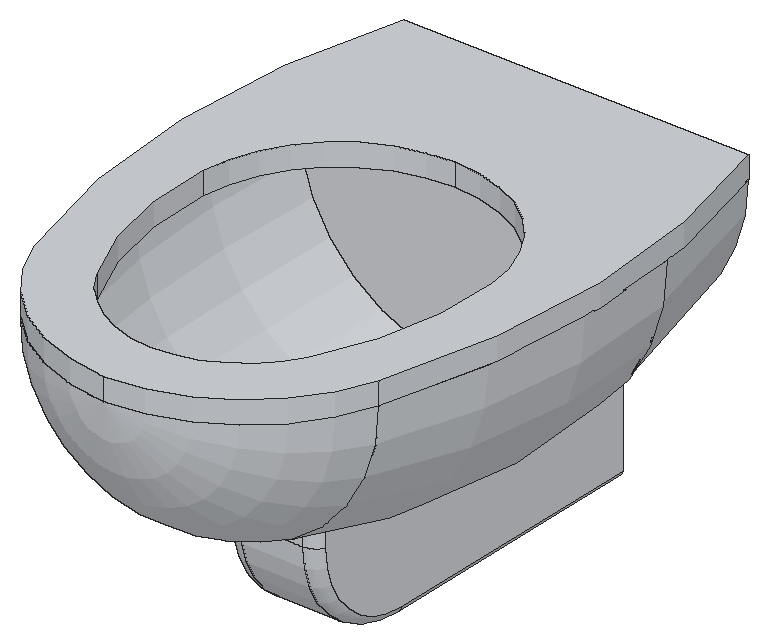
Revit family
Parameters (values of type "520 x 370mm")
  Material = none
  Manufacturer = "Revit"
  Assembly Code = ""
Reference planes
  plane 1 "Center (Front/Back)": y = 0
  plane 2: z = 0
  plane 3 "Center (Left/Right)": x = 0
  plane 4: y = -244.9
Forms (mm)
  Extrusion 1, solid, material <- "Material"
    sketch origin (0, 0, 307.334) x (1, 0, 0) y (0, 1, 0)
      loop
        arc (-152.704, 0) -> (-185.562, -204.671) -> (-152.704, -409.341) r 653.876
        arc (-152.704, -409.341) -> (-94.349, -490.625) -> (0, -523.953) r 166.984
        arc (0, -523.953) -> (94.349, -490.625) -> (152.704, -409.341) r 166.984
        arc (152.704, -409.341) -> (185.562, -204.671) -> (152.704, 0) r 653.876
        line (152.704, 0) -> (-152.704, 0)
      loop
        arc (0, -134.961) -> (-87.71, -168.958) -> (-128.473, -253.735) r 127.954
        arc (-128.473, -253.735) -> (-122.656, -336.701) -> (-93.86, -414.726) r 294.286
        arc (-93.86, -414.726) -> (-54.664, -456.038) -> (0, -472.002) r 109.21
        arc (0, -472.002) -> (54.664, -456.038) -> (93.86, -414.726) r 109.21
        arc (93.86, -414.726) -> (122.656, -336.701) -> (128.473, -253.735) r 294.286
        arc (128.473, -253.735) -> (87.71, -168.958) -> (0, -134.961) r 127.954
    from -20 to 0
  Blend 2, solid, material <- "Material"
    base sketch origin (0, -124.9, 287.334) x (0, 0, -1) y (-1, 0, 0)
      loop
        line (0, 180) -> (0, -180)
        arc (0, -180) -> (180, 0) -> (0, 180) r 180
    top sketch origin (0, -124.9, 287.334) x (0, 0, -1) y (-1, 0, 0)
      loop
        line (0, 152.605) -> (0, -152.704)
        arc (0, -152.704) -> (152.655, -0.05) -> (0, 152.605) r 152.655
    from 0 to 124.9
  Extrusion 3, solid, material <- "Material"
    sketch origin (0, 0, 307.334) x (0, 1, 0) y (0, 0, 1)
      loop
        arc (0, -158.01) -> (-167.212, -190.758) -> (-337.566, -187.334) r 799.626
        line (-337.566, -187.334) -> (-337.566, -207.334)
        arc (-337.566, -207.334) -> (-310.425, -272.859) -> (-244.9, -300) r 92.666
        line (-244.9, -300) -> (0, -300) -> (0, -158.01)
    from -41.163 to 41.173
  Sweep 4, void
    path origin (41.173, 0, 149.324) x (0, 0, 1) y (0, -1, 0)
      loop
        line (-29.324, 337.566) -> (-49.324, 337.566)
        arc (-49.324, 337.566) -> (-114.849, 310.425) -> (-141.99, 244.9) r 92.666
        line (-141.99, 244.9) -> (-141.99, 0)
    profile origin (0, -122.45, 0) x (0, 0, 1) y (1, 0, 0)
      loop
        line (26.442, 42.532) -> (26.442, 53.837) -> (-3.558, 53.837) -> (-3.558, -51.163) -> (26.442, -51.163) -> (26.442, -43.084) -> (22.334, -43.084)
        arc (22.334, -43.084) -> (11.727, -38.69) -> (7.334, -28.084) r 15
        line (7.334, -28.084) -> (7.334, 27.532)
        arc (7.334, 27.532) -> (11.727, 38.139) -> (22.334, 42.532) r 15
        line (22.334, 42.532) -> (26.442, 42.532)
  Revolve 5, solid, material <- "Material"
    sketch origin (0, 0, 287.334) x (1, 0, 0) y (0, 1, 0)
      loop
        arc (-180.678, -124.9) -> (-182.423, -268.668) -> (-152.704, -409.341) r 653.876
        arc (-152.704, -409.341) -> (-94.349, -490.625) -> (0, -523.953) r 166.984
        line (0, -523.953) -> (0, -490.489)
        arc (0, -490.489) -> (-74.747, -463.526) -> (-120.946, -398.875) r 133.545
        arc (-120.946, -398.875) -> (-149.342, -263.349) -> (-146.974, -124.9) r 620.437
        line (-146.974, -124.9) -> (-180.678, -124.9)
      axis (0, -523.953) -> (0, -124.9)
    angle from 0 to 180
Cuts and joins
  Sweep 4 cuts Extrusion 1
  Sweep 4 cuts Blend 2
  Sweep 4 cuts Extrusion 3
Lines and regions (mm)
  symbolic lines
    curve 1: line (-152.709, 0, 0) -> (152.709, 0, 0)
    curve 2: line (152.709, 0, 0) -> (158.487, -27.227, 0)
    curve 3: arc (158.487, -27.227, 0) -> (158.776, -28.613, 0) -> (159.057, -30, 0) r 241.075
    curve 4: line (159.057, -30, 0) -> (164.872, -59.182, 0)
    curve 5: line (164.872, -59.182, 0) -> (165.032, -60, 0)
    curve 6: line (165.032, -60, 0) -> (167.579, -73.437, 0)
    curve 7: line (167.579, -73.437, 0) -> (170.601, -90, 0)
    curve 8: arc (170.601, -90, 0) -> (171.704, -96.237, 0) -> (172.775, -102.479, 0) r 1279.669
    curve 9: line (172.775, -102.479, 0) -> (175.675, -120, 0)
    curve 10: arc (175.675, -120, 0) -> (176.56, -125.594, 0) -> (177.405, -131.195, 0) r 793.008
    curve 11: line (177.405, -131.195, 0) -> (180.093, -150, 0)
    curve 12: arc (180.093, -150, 0) -> (181.062, -157.316, 0) -> (181.944, -164.642, 0) r 616.84
    curve 13: arc (181.944, -164.642, 0) -> (182.776, -172.317, 0) -> (183.521, -180, 0) r 674.925
    curve 14: arc (183.521, -180, 0) -> (184.103, -187.122, 0) -> (184.551, -194.253, 0) r 382.449
    curve 15: arc (184.551, -194.253, 0) -> (184.906, -202.124, 0) -> (185.128, -210, 0) r 465.009
    curve 16: arc (185.128, -210, 0) -> (185.235, -217.236, 0) -> (185.272, -224.473, 0) r 746.453
    curve 17: arc (185.272, -224.473, 0) -> (185.238, -232.237, 0) -> (185.135, -240, 0) r 859.081
    curve 18: arc (185.135, -240, 0) -> (184.986, -246.797, 0) -> (184.781, -253.592, 0) r 827.316
    curve 19: arc (184.781, -253.592, 0) -> (184.472, -261.797, 0) -> (184.106, -270, 0) r 1206.742
    curve 20: arc (184.106, -270, 0) -> (183.655, -277.967, 0) -> (183.065, -285.924, 0) r 458.517
    curve 21: arc (183.065, -285.924, 0) -> (182.412, -292.969, 0) -> (181.62, -300, 0) r 360.495
    curve 22: arc (181.62, -300, 0) -> (180.779, -306.235, 0) -> (179.785, -312.448, 0) r 257.635
    curve 23: arc (179.785, -312.448, 0) -> (178.191, -321.238, 0) -> (176.447, -330, 0) r 519.485
    curve 24: arc (176.447, -330, 0) -> (174.874, -337.324, 0) -> (173.21, -344.627, 0) r 595.063
    curve 25: arc (173.21, -344.627, 0) -> (171.356, -352.325, 0) -> (169.411, -360, 0) r 664.851
    curve 26: arc (169.411, -360, 0) -> (167.671, -366.435, 0) -> (165.803, -372.834, 0) r 334.519
    curve 27: arc (165.803, -372.834, 0) -> (163.128, -381.437, 0) -> (160.327, -390, 0) r 611.028
    curve 28: arc (160.327, -390, 0) -> (158.241, -395.884, 0) -> (155.955, -401.694, 0) r 182.055
    curve 29: arc (155.955, -401.694, 0) -> (152.036, -410.89, 0) -> (147.922, -420, 0) r 466.837
    curve 30: arc (147.922, -420, 0) -> (144.7, -426.503, 0) -> (141.155, -432.835, 0) r 144.479
    curve 31: arc (141.155, -432.835, 0) -> (135.794, -441.516, 0) -> (130.126, -450, 0) r 285.669
    curve 32: arc (130.126, -450, 0) -> (126.035, -455.463, 0) -> (121.563, -460.617, 0) r 94.986
    curve 33: arc (121.563, -460.617, 0) -> (112.028, -470.482, 0) -> (102.147, -480, 0) r 384.278
    curve 34: arc (102.147, -480, 0) -> (92.028, -488.613, 0) -> (81.195, -496.31, 0) r 152.143
    curve 35: arc (81.195, -496.31, 0) -> (68.753, -503.666, 0) -> (55.762, -510, 0) r 180.05
    curve 36: arc (55.762, -510, 0) -> (44.275, -514.251, 0) -> (32.368, -517.121, 0) r 103.836
    curve 37: arc (32.368, -517.121, 0) -> (16.248, -519.279, 0) -> (0, -520, 0) r 183.366
    curve 38: arc (0, -520, 0) -> (-16.247, -519.279, 0) -> (-32.367, -517.121, 0) r 183.359
    curve 39: arc (-32.367, -517.121, 0) -> (-44.274, -514.251, 0) -> (-55.76, -510, 0) r 103.836
    curve 40: arc (-55.76, -510, 0) -> (-68.753, -503.665, 0) -> (-81.195, -496.309, 0) r 180.041
    curve 41: arc (-81.195, -496.309, 0) -> (-92.026, -488.612, 0) -> (-102.144, -480, 0) r 152.085
    curve 42: arc (-102.144, -480, 0) -> (-112.023, -470.483, 0) -> (-121.556, -460.619, 0) r 384.319
    curve 43: arc (-121.556, -460.619, 0) -> (-126.029, -455.463, 0) -> (-130.12, -450, 0) r 95.043
    curve 44: arc (-130.12, -450, 0) -> (-135.789, -441.515, 0) -> (-141.151, -432.834, 0) r 285.823
    curve 45: arc (-141.151, -432.834, 0) -> (-144.696, -426.502, 0) -> (-147.918, -420, 0) r 144.491
    curve 46: arc (-147.918, -420, 0) -> (-152.033, -410.891, 0) -> (-155.951, -401.695, 0) r 466.426
    curve 47: arc (-155.951, -401.695, 0) -> (-158.238, -395.885, 0) -> (-160.325, -390, 0) r 181.972
    curve 48: arc (-160.325, -390, 0) -> (-163.125, -381.437, 0) -> (-165.8, -372.834, 0) r 610.744
    curve 49: arc (-165.8, -372.834, 0) -> (-167.668, -366.435, 0) -> (-169.408, -360, 0) r 334.334
    curve 50: arc (-169.408, -360, 0) -> (-171.352, -352.327, 0) -> (-173.205, -344.631, 0) r 665.262
    curve 51: arc (-173.205, -344.631, 0) -> (-174.87, -337.326, 0) -> (-176.443, -330, 0) r 595.997
    curve 52: arc (-176.443, -330, 0) -> (-178.189, -321.233, 0) -> (-179.784, -312.437, 0) r 520.023
    curve 53: arc (-179.784, -312.437, 0) -> (-180.777, -306.23, 0) -> (-181.617, -300, 0) r 257.163
    curve 54: arc (-181.617, -300, 0) -> (-182.408, -292.975, 0) -> (-183.061, -285.936, 0) r 359.924
    curve 55: arc (-183.061, -285.936, 0) -> (-183.651, -277.972, 0) -> (-184.102, -270, 0) r 459.215
    curve 56: arc (-184.102, -270, 0) -> (-184.467, -261.793, 0) -> (-184.776, -253.584, 0) r 1209.393
    curve 57: arc (-184.776, -253.584, 0) -> (-184.981, -246.793, 0) -> (-185.13, -240, 0) r 827.255
    curve 58: arc (-185.13, -240, 0) -> (-185.234, -232.238, 0) -> (-185.267, -224.476, 0) r 858.487
    curve 59: arc (-185.267, -224.476, 0) -> (-185.23, -217.238, 0) -> (-185.123, -210, 0) r 746.539
    curve 60: arc (-185.123, -210, 0) -> (-184.902, -202.124, 0) -> (-184.547, -194.253, 0) r 465.042
    curve 61: arc (-184.547, -194.253, 0) -> (-184.098, -187.122, 0) -> (-183.516, -180, 0) r 382.445
    curve 62: arc (-183.516, -180, 0) -> (-182.771, -172.317, 0) -> (-181.939, -164.643, 0) r 675.164
    curve 63: arc (-181.939, -164.643, 0) -> (-181.058, -157.316, 0) -> (-180.089, -150, 0) r 617.085
    curve 64: line (-180.089, -150, 0) -> (-177.401, -131.193, 0)
    curve 65: arc (-177.401, -131.193, 0) -> (-176.556, -125.594, 0) -> (-175.672, -120, 0) r 792.953
    curve 66: line (-175.672, -120, 0) -> (-172.772, -102.479, 0)
    curve 67: arc (-172.772, -102.479, 0) -> (-171.7, -96.237, 0) -> (-170.598, -90, 0) r 1279.549
    curve 68: line (-170.598, -90, 0) -> (-167.576, -73.437, 0)
    curve 69: line (-167.576, -73.437, 0) -> (-165.03, -60, 0)
    curve 70: line (-165.03, -60, 0) -> (-164.87, -59.182, 0)
    curve 71: line (-164.87, -59.182, 0) -> (-159.056, -30, 0)
    curve 72: arc (-159.056, -30, 0) -> (-158.775, -28.613, 0) -> (-158.486, -27.227, 0) r 241.18
    curve 73: line (-158.486, -27.227, 0) -> (-152.709, 0, 0)
    curve 78: line (-40.564, -141.919, 0) -> (-21.443, -137.609, 0)
    curve 79: line (-21.443, -137.609, 0) -> (-6.214, -135.512, 0)
    curve 80: line (-6.214, -135.512, 0) -> (0, -134.961, 0)
    curve 81: line (0, -134.961, 0) -> (6.214, -135.512, 0)
    curve 82: line (6.214, -135.512, 0) -> (21.444, -137.609, 0)
    curve 83: line (21.444, -137.609, 0) -> (40.566, -141.919, 0)
    curve 84: line (40.566, -141.919, 0) -> (58.46, -149.11, 0)
    curve 85: line (58.46, -149.11, 0) -> (69.193, -155.574, 0)
    curve 86: line (69.193, -155.574, 0) -> (80.294, -163.27, 0)
    curve 87: line (80.294, -163.27, 0) -> (91.195, -172.309, 0)
    curve 88: line (91.195, -172.309, 0) -> (101.325, -182.802, 0)
    curve 89: line (101.325, -182.802, 0) -> (110.116, -194.856, 0)
    curve 90: line (110.116, -194.856, 0) -> (116.998, -208.582, 0)
    curve 91: line (116.998, -208.582, 0) -> (123.923, -226.768, 0)
    curve 92: line (123.923, -226.768, 0) -> (126.44, -236.984, 0)
    curve 93: line (126.44, -236.984, 0) -> (128.329, -252.016, 0)
    curve 94: line (128.329, -252.016, 0) -> (129.67, -268.58, 0)
    curve 95: line (129.67, -268.58, 0) -> (129.547, -284.522, 0)
    curve 96: line (129.547, -284.522, 0) -> (128.342, -299.792, 0)
    curve 97: line (128.342, -299.792, 0) -> (126.438, -314.341, 0)
    curve 98: line (126.438, -314.341, 0) -> (122.862, -334.629, 0)
    curve 99: line (122.862, -334.629, 0) -> (118.446, -354.496, 0)
    curve 100: line (118.446, -354.496, 0) -> (114.173, -369.094, 0)
    curve 101: line (114.173, -369.094, 0) -> (111.149, -377.285, 0)
    curve 102: line (111.149, -377.285, 0) -> (106.848, -388.262, 0)
    curve 103: line (106.848, -388.262, 0) -> (101.13, -401.063, 0)
    curve 104: line (101.13, -401.063, 0) -> (93.855, -414.726, 0)
    curve 105: line (93.855, -414.726, 0) -> (84.884, -428.284, 0)
    curve 106: line (84.884, -428.284, 0) -> (74.077, -440.777, 0)
    curve 107: line (74.077, -440.777, 0) -> (61.296, -451.241, 0)
    curve 108: line (61.296, -451.241, 0) -> (46.351, -460.787, 0)
    curve 109: line (46.351, -460.787, 0) -> (35.102, -466.042, 0)
    curve 110: line (35.102, -466.042, 0) -> (21.625, -469.086, 0)
    curve 111: line (21.625, -469.086, 0) -> (0, -472.002, 0)
    curve 112: line (0, -472.002, 0) -> (-21.623, -469.086, 0)
    curve 113: line (-21.623, -469.086, 0) -> (-35.098, -466.042, 0)
    curve 114: line (-35.098, -466.042, 0) -> (-46.347, -460.787, 0)
    curve 115: line (-46.347, -460.787, 0) -> (-61.29, -451.241, 0)
    curve 116: line (-61.29, -451.241, 0) -> (-74.073, -440.777, 0)
    curve 117: line (-74.073, -440.777, 0) -> (-84.88, -428.284, 0)
    curve 118: line (-84.88, -428.284, 0) -> (-93.851, -414.726, 0)
    curve 119: line (-93.851, -414.726, 0) -> (-101.126, -401.063, 0)
    curve 120: line (-101.126, -401.063, 0) -> (-106.843, -388.262, 0)
    curve 121: line (-106.843, -388.262, 0) -> (-111.143, -377.285, 0)
    curve 122: line (-111.143, -377.285, 0) -> (-114.164, -369.094, 0)
    curve 123: line (-114.164, -369.094, 0) -> (-118.441, -354.496, 0)
    curve 124: line (-118.441, -354.496, 0) -> (-122.86, -334.629, 0)
    curve 125: line (-122.86, -334.629, 0) -> (-126.438, -314.341, 0)
    curve 126: line (-126.438, -314.341, 0) -> (-128.339, -299.792, 0)
    curve 127: line (-128.339, -299.792, 0) -> (-129.544, -284.522, 0)
    curve 128: line (-129.544, -284.522, 0) -> (-129.667, -268.58, 0)
    curve 129: line (-129.667, -268.58, 0) -> (-128.327, -252.016, 0)
    curve 130: line (-128.327, -252.016, 0) -> (-126.436, -236.984, 0)
    curve 131: line (-126.436, -236.984, 0) -> (-123.918, -226.768, 0)
    curve 132: line (-123.918, -226.768, 0) -> (-116.995, -208.582, 0)
    curve 133: line (-116.995, -208.582, 0) -> (-110.113, -194.856, 0)
    curve 134: line (-110.113, -194.856, 0) -> (-101.323, -182.802, 0)
    curve 135: line (-101.323, -182.802, 0) -> (-91.194, -172.309, 0)
    curve 136: line (-91.194, -172.309, 0) -> (-80.294, -163.27, 0)
    curve 137: line (-80.294, -163.27, 0) -> (-69.191, -155.574, 0)
    curve 138: line (-69.191, -155.574, 0) -> (-58.455, -149.11, 0)
    curve 139: line (-58.455, -149.11, 0) -> (-40.564, -141.919, 0)
  symbolic lines, detail levels medium+fine
    curve 74: arc (-89.273, -82.245, 0) -> (-79.273, -92.245, 0) -> (-69.273, -82.245, 0) r 10
    curve 75: arc (-69.273, -82.245, 0) -> (-79.273, -72.245, 0) -> (-89.273, -82.245, 0) r 10
    curve 76: arc (73.765, -82.245, 0) -> (83.765, -92.245, 0) -> (93.765, -82.245, 0) r 10
    curve 77: arc (93.765, -82.245, 0) -> (83.765, -72.245, 0) -> (73.765, -82.245, 0) r 10
    curve 140: line (5.976, -141.954, 0) -> (20.619, -143.977, 0)
    curve 141: line (20.619, -143.977, 0) -> (39.005, -148.127, 0)
    curve 142: line (39.005, -148.127, 0) -> (56.211, -155.039, 0)
    curve 143: line (56.211, -155.039, 0) -> (66.533, -161.26, 0)
    curve 144: line (66.533, -161.26, 0) -> (77.21, -168.662, 0)
    curve 145: line (77.21, -168.662, 0) -> (87.692, -177.354, 0)
    curve 146: line (87.692, -177.354, 0) -> (97.432, -187.442, 0)
    curve 147: line (97.432, -187.442, 0) -> (105.885, -199.033, 0)
    curve 148: line (105.885, -199.033, 0) -> (112.501, -212.235, 0)
    curve 149: line (112.501, -212.235, 0) -> (119.155, -229.721, 0)
    curve 150: line (119.155, -229.721, 0) -> (121.577, -239.539, 0)
    curve 151: line (121.577, -239.539, 0) -> (123.396, -253.99, 0)
    curve 152: line (123.396, -253.99, 0) -> (124.685, -269.928, 0)
    curve 153: line (124.685, -269.928, 0) -> (124.566, -285.259, 0)
    curve 154: line (124.566, -285.259, 0) -> (123.408, -299.937, 0)
    curve 155: line (123.408, -299.937, 0) -> (121.575, -313.915, 0)
    curve 156: line (121.575, -313.915, 0) -> (118.136, -333.429, 0)
    curve 157: line (118.136, -333.429, 0) -> (113.887, -352.531, 0)
    curve 158: line (113.887, -352.531, 0) -> (109.771, -366.57, 0)
    curve 159: line (109.771, -366.57, 0) -> (106.87, -374.443, 0)
    curve 160: line (106.87, -374.443, 0) -> (102.738, -384.997, 0)
    curve 161: line (102.738, -384.997, 0) -> (97.243, -397.305, 0)
    curve 162: line (97.243, -397.305, 0) -> (90.249, -410.44, 0)
    curve 163: line (90.249, -410.44, 0) -> (81.623, -423.478, 0)
    curve 164: line (81.623, -423.478, 0) -> (71.232, -435.49, 0)
    curve 165: line (71.232, -435.49, 0) -> (58.94, -445.552, 0)
    curve 166: line (58.94, -445.552, 0) -> (44.569, -454.739, 0)
    curve 167: line (44.569, -454.739, 0) -> (33.75, -459.793, 0)
    curve 168: line (33.75, -459.793, 0) -> (20.792, -462.718, 0)
    curve 169: line (20.792, -462.718, 0) -> (0, -465.513, 0)
    curve 170: line (0, -465.513, 0) -> (-20.791, -462.718, 0)
    curve 171: line (-20.791, -462.718, 0) -> (-33.752, -459.793, 0)
    curve 172: line (-33.752, -459.793, 0) -> (-44.569, -454.739, 0)
    curve 173: line (-44.569, -454.739, 0) -> (-58.935, -445.552, 0)
    curve 174: line (-58.935, -445.552, 0) -> (-71.227, -435.49, 0)
    curve 175: line (-71.227, -435.49, 0) -> (-81.618, -423.478, 0)
    curve 176: line (-81.618, -423.478, 0) -> (-90.243, -410.44, 0)
    curve 177: line (-90.243, -410.44, 0) -> (-97.237, -397.305, 0)
    curve 178: line (-97.237, -397.305, 0) -> (-102.734, -384.997, 0)
    curve 179: line (-102.734, -384.997, 0) -> (-106.869, -374.443, 0)
    curve 180: line (-106.869, -374.443, 0) -> (-109.776, -366.57, 0)
    curve 181: line (-109.776, -366.57, 0) -> (-113.888, -352.531, 0)
    curve 182: line (-113.888, -352.531, 0) -> (-118.136, -333.429, 0)
    curve 183: line (-118.136, -333.429, 0) -> (-121.577, -313.915, 0)
    curve 184: line (-121.577, -313.915, 0) -> (-123.405, -299.937, 0)
    curve 185: line (-123.405, -299.937, 0) -> (-124.562, -285.259, 0)
    curve 186: line (-124.562, -285.259, 0) -> (-124.678, -269.928, 0)
    curve 187: line (-124.678, -269.928, 0) -> (-123.388, -253.99, 0)
    curve 188: line (-123.388, -253.99, 0) -> (-121.575, -239.539, 0)
    curve 189: line (-121.575, -239.539, 0) -> (-119.154, -229.721, 0)
    curve 190: line (-119.154, -229.721, 0) -> (-112.495, -212.235, 0)
    curve 191: line (-112.495, -212.235, 0) -> (-105.877, -199.033, 0)
    curve 192: line (-105.877, -199.033, 0) -> (-97.425, -187.442, 0)
    curve 193: line (-97.425, -187.442, 0) -> (-87.686, -177.354, 0)
    curve 194: line (-87.686, -177.354, 0) -> (-77.206, -168.662, 0)
    curve 195: line (-77.206, -168.662, 0) -> (-66.534, -161.26, 0)
    curve 196: line (-66.534, -161.26, 0) -> (-56.215, -155.039, 0)
    curve 197: line (-56.215, -155.039, 0) -> (-39.003, -148.127, 0)
    curve 198: line (-39.003, -148.127, 0) -> (-20.615, -143.977, 0)
    curve 199: line (-20.615, -143.977, 0) -> (-5.974, -141.954, 0)
    curve 200: line (-5.974, -141.954, 0) -> (0, -141.421, 0)
    curve 201: line (0, -141.421, 0) -> (5.976, -141.954, 0)
    curve 202: line (0, -181.197, 0) -> (17.767, -181.6, 0)
    curve 203: line (17.767, -181.6, 0) -> (36.235, -182.892, 0)
    curve 204: line (36.235, -182.892, 0) -> (45.847, -184.182, 0)
    curve 205: line (45.847, -184.182, 0) -> (48.116, -185.026, 0)
    curve 206: line (48.116, -185.026, 0) -> (50.235, -186.239, 0)
    curve 207: line (50.235, -186.239, 0) -> (51.172, -188.857, 0)
    curve 208: line (51.172, -188.857, 0) -> (51.172, -204.967, 0)
    curve 209: line (51.172, -204.967, 0) -> (51.172, -231.066, 0)
    curve 210: line (51.172, -231.066, 0) -> (51.172, -244.746, 0)
    curve 211: line (51.172, -244.746, 0) -> (50.778, -248.714, 0)
    curve 212: line (50.778, -248.714, 0) -> (48.463, -257.859, 0)
    curve 213: line (48.463, -257.859, 0) -> (42.524, -268.043, 0)
    curve 214: line (42.524, -268.043, 0) -> (31.59, -278.151, 0)
    curve 215: line (31.59, -278.151, 0) -> (16.753, -286.777, 0)
    curve 216: line (16.753, -286.777, 0) -> (0, -289.349, 0)
    curve 217: line (0, -289.349, 0) -> (-16.751, -286.777, 0)
    curve 218: line (-16.751, -286.777, 0) -> (-31.588, -278.151, 0)
    curve 219: line (-31.588, -278.151, 0) -> (-42.521, -268.043, 0)
    curve 220: line (-42.521, -268.043, 0) -> (-48.459, -257.859, 0)
    curve 221: line (-48.459, -257.859, 0) -> (-50.773, -248.714, 0)
    curve 222: line (-50.773, -248.714, 0) -> (-51.166, -244.746, 0)
    curve 223: line (-51.166, -244.746, 0) -> (-51.166, -231.066, 0)
    curve 224: line (-51.166, -231.066, 0) -> (-51.166, -204.967, 0)
    curve 225: line (-51.166, -204.967, 0) -> (-51.166, -188.857, 0)
    curve 226: line (-51.166, -188.857, 0) -> (-50.231, -186.239, 0)
    curve 227: line (-50.231, -186.239, 0) -> (-48.116, -185.026, 0)
    curve 228: line (-48.116, -185.026, 0) -> (-45.854, -184.182, 0)
    curve 229: line (-45.854, -184.182, 0) -> (-36.238, -182.892, 0)
    curve 230: line (-36.238, -182.892, 0) -> (-17.77, -181.6, 0)
    curve 231: line (-17.77, -181.6, 0) -> (0, -181.197, 0)
